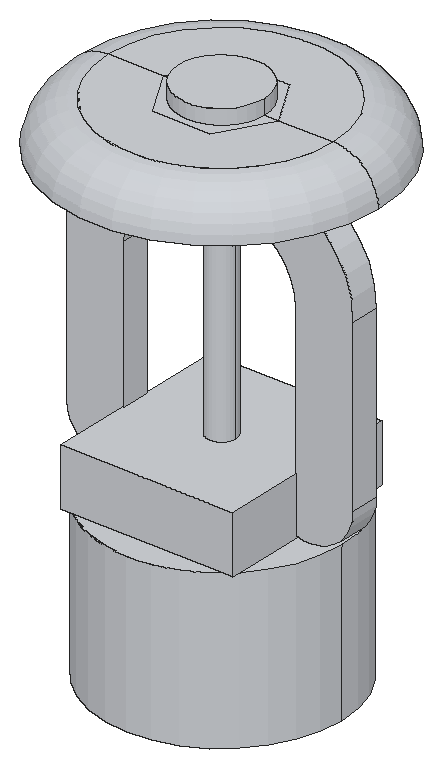
Revit family
Parameters (values of type "RASCO F1 UPRIGHT")
  Temperature Rating = 155 °F
  Response = (empty or 0)
  RASCO SIN # = "R1725"
  RASCO Part # = "FU1LB"
  Pressure Rating = "175 PSI"
  Pressure Class = (empty or 0)
  Orifice Size = 17/32"
  Orifice = (empty or 0)
  Model = "F1"
  Manufacturer = "RASCO"
  K-Factor = 8
  Description = "Brz. Finish"
  Coverage = (empty or 0)
Reference planes (in)
  plane 1 "Center (Front/Back)": y = 0
  plane 2: z = 0
  plane 3 "Center (Left/Right)": x = 0
Dimensions and locks (in)
  aligned and locked: plane 2 to level
Nested families (in)
  nested 1: "FU1LB" at (0.16337, -5.40027, 0), type "RASCO F1 UPRIGHT"
Connectors (in)
  piping at (0.16337, -5.40027, 0)
    settings: on nested 1, index 1, connector radius 1/2", flow factor 0, pipe flow 0 GPM, pressure drop 0.00 psi, fitting loss kfactor 0, connector angle 0.00°, fixture units 0, flow configuration 0, flow direction 0, fitting loss method 0, system type 7, connector reference index -1, connector utility 0, adjustable connector no, is connector primary yes, fitting loss table "", connector description ""
Definition of nested family "FU1LB"
  Parameters (values of type "RASCO F1 UPRIGHT")
    Type Comments = ""
    Temperature Rating = 0 °F
    Response = (empty or 0)
    Pressure Rating = "0"
    Pressure Class = (empty or 0)
    Orifice Size = 0"
    Orifice = (empty or 0)
    Model = ""
    Manufacturer = ""
    K-Factor = 0
    Description = ""
    Coverage = (empty or 0)
    Assembly Code = ""
  Reference planes (in)
    plane 1 "Center (Front/Back)": y = 0
    plane 2: z = 0
    plane 3 "ref.2": z = 0.6875
    plane 4 "ref.3": z = 0.9375
    plane 5: x = -0.38065
    plane 6: x = 0.36935
    plane 7 "ref. side 1": y = 0.06402
    plane 8 "ref. side 2": y = -0.06098
    plane 9 "ref.4": z = 1.875
    plane 10 "ref.5": z = 2.3125
    plane 11 "ref.6": z = 2.4375
  Forms (in)
    Extrusion 1, solid
      sketch origin (0, 0, 0) x (1, 0, 0) y (0, 1, 0)
        loop
          circle (0, 0) r 0.5221
      from 0 to 0.6875
    Extrusion 2, solid
      sketch origin (-0.12185, 0.05177, 0.6875) x (1, 0, 0) y (0, 1, 0)
        loop
          line (-0.2588, 0.356) -> (-0.2588, -0.4565) -> (0.4912, -0.4565) -> (0.4912, 0.356) -> (-0.2588, 0.356)
      from 0 to 0.25
    Extrusion 3, solid
      sketch origin (0, 0, 0) x (1, 0, 0) y (0, 0, 1)
        loop
          line (-0.38065, 0.69674) -> (-0.38065, 1.58397)
          arc (-0.38065, 1.58397) -> (-0.29541, 1.78976) -> (-0.08962, 1.875) r 0.29103
          line (-0.08962, 1.875) -> (0.07524, 1.875)
          arc (0.07524, 1.875) -> (0.28321, 1.78886) -> (0.36935, 1.58089) r 0.29411
          line (0.36935, 1.58089) -> (0.36935, 0.69728)
          arc (0.36935, 0.69728) -> (0.54046, 0.72329) -> (0.61935, 0.87734) r 0.18984
          line (0.61935, 0.87734) -> (0.61935, 1.61676)
          arc (0.61935, 1.61676) -> (0.48879, 1.93194) -> (0.17361, 2.0625) r 0.44574
          line (0.17361, 2.0625) -> (-0.18509, 2.0625)
          arc (-0.18509, 2.0625) -> (-0.50015, 1.932) -> (-0.63065, 1.61694) r 0.44556
          line (-0.63065, 1.61694) -> (-0.63065, 0.87876)
          arc (-0.63065, 0.87876) -> (-0.55196, 0.72414) -> (-0.38065, 0.69674) r 0.19126
      from -0.06402 to 0.06098
    Extrusion 4, solid
      sketch origin (0, 0, 0.9375) x (-1, 0, 0) y (0, -1, 0)
        loop
          circle (0.00574, -0.00152) r 0.0625
      from 0 to 0.9375
    Extrusion 5, solid
      sketch origin (0, 0, 1.875) x (-1, 0, 0) y (0, -1, 0)
        loop
          circle (0.00574, -0.00152) r 0.1875
      from 0 to 0.4375
    Revolve 6, solid
      sketch origin (0, 0, -0.2777) x (1, 0, 0) y (0, 0, 1)
        loop
          line (-0.19324, 2.33367) -> (-0.19324, 2.52696) -> (-0.25733, 2.52696) -> (-0.49638, 2.52696)
          arc (-0.49638, 2.52696) -> (-0.63432, 2.47056) -> (-0.69321, 2.33367) r 0.19686
          line (-0.69321, 2.33367) -> (-0.19324, 2.33367)
        axis (-0.00574, 2.33367) -> (-0.00574, 2.52696)
      angle from 0 to 360
  Cuts and joins
    joined: Extrusion 1, Extrusion 2, Extrusion 4, Revolve 6
  Lines and regions (in)
    model lines
      curve 1: line (-0.00574, 0.06402, 1.875) -> (-0.00574, -0.06098, 1.875)
  Dimensions and locks (in)
    Extrusion 3 to Extrusion 3 = 1.250"
    Extrusion 5 to cut or joined group of Extrusion 1, Extrusion 2, Extrusion 4, Revolve 6 = 2.3125"
